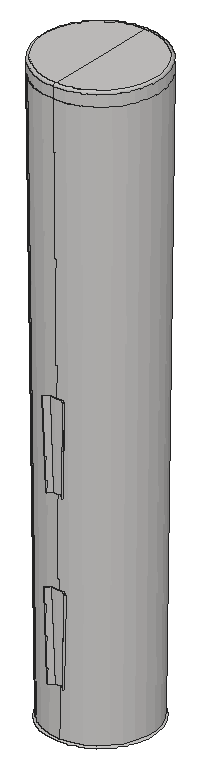
Revit family "QF_Vollrath_PLC-4", category Specialty Equipment, Revit 2016
Family settings
  Part Type = Normal
  Round Connector Dimension = Use Diameter
  OmniClass Number = 23.40.40.00
  OmniClass Title = Food Service Equipment and Furnishings
  Work Plane-Based = Yes
  Always vertical = Yes
  Cut with Voids When Loaded = No
  Shared = No
  Room Calculation Point = No
Parameters
  Width = 5 1/16"
  Weight in Pounds = 0
  Watermarked By = ""
  URL Cutsheet = ""
  Specification by User [instance] = ""
  Specification by Manufacturer [instance] = ""
  Serial Number [instance] = ""
  Revision Code [instance] = ""
  NAFEM Spec ID Number [instance] = ""
  Model = "PLC-4"
  Masterspec [instance] = ""
  Manufacturer = "Vollrath"
  Item Number [instance] = "-"
  Installed By [instance] = ""
  Height = 25 3/4"
  Furnished By [instance] = ""
  Foodservice Equipment Identifier = yes
  Description = "Cup Dispenser"
  Depth = 5 1/16"
  Default Elevation = 48"
  CSI MasterFormat = ""
Reference planes (in)
  plane 1 "BACK": y = 0
  plane 2 "BOTTOM": z = 0
  plane 3 "LEFT": x = -16.56573
  plane 4 "RIGHT": x = -11.50323
  plane 5 "FRONT": y = -5.0625
  plane 6 "TOP": z = 25.75
  plane 7: z = 25.16
  plane 8 "CNTR LR": x = -14.03448
  plane 9 "CNTR FB": y = -2.53125
  plane 10 "Bottom Screw 1": z = 2.19
  plane 11 "Bottom of Screw 2": z = 5.94
  plane 12 "Top Screw 1": z = 9.69
  plane 13 "Top Screw 2": z = 12.875
Forms (in)
  Revolve 1, solid, material "QF_Stainless-Polished"
    sketch origin (-14.03448, 0, 0) x (0, 1, 0) y (0, 0, 1)
      loop
        line (-0.1, 25.75) -> (-2.53125, 25.75) -> (-2.53125, 25.16) -> (0, 25.16) -> (0, 25.65)
        arc (0, 25.65) -> (-0.02929, 25.72071) -> (-0.1, 25.75) r 0.1
      axis (-2.53125, 25.16) -> (-2.53125, 25.75)
    angle from 0 to 360
  Blend 2, solid, material "QF_Stainless-Polished"
    base sketch origin (0, 0, 9.69) x (0, 1, 0) y (-1, 0, 0)
      loop
        arc (-4.88974, 14.1962) -> (-4.89538, 14.03448) -> (-4.88974, 13.87275) r 2.32065
        line (-4.88974, 13.87275) -> (-5.05539, 13.70709)
        arc (-5.05539, 13.70709) -> (-5.0516, 13.67953) -> (-5.0475, 13.65202) r 2.50217
        line (-5.0475, 13.65202) -> (-4.85773, 13.86233)
        arc (-4.85773, 13.86233) -> (-4.86421, 14.03448) -> (-4.85773, 14.20662) r 2.28948
        line (-4.85773, 14.20662) -> (-5.0475, 14.41694)
        arc (-5.0475, 14.41694) -> (-5.0516, 14.38942) -> (-5.05539, 14.36186) r 2.50217
        line (-5.05539, 14.36186) -> (-4.88974, 14.1962)
    top sketch origin (0, 0, 9.69) x (0, 1, 0) y (-1, 0, 0)
      loop
        line (-5.11621, 14.46025) -> (-4.95796, 14.302)
        arc (-4.95796, 14.302) -> (-4.97356, 14.03448) -> (-4.95796, 13.76695) r 2.30173
        line (-4.95796, 13.76695) -> (-5.11621, 13.6087)
        arc (-5.11621, 13.6087) -> (-5.11145, 13.58223) -> (-5.1064, 13.55581) r 2.48118
        line (-5.1064, 13.55581) -> (-4.92489, 13.75759)
        arc (-4.92489, 13.75759) -> (-4.94184, 14.03448) -> (-4.92489, 14.31136) r 2.27001
        line (-4.92489, 14.31136) -> (-5.1064, 14.51314)
        arc (-5.1064, 14.51314) -> (-5.11145, 14.48672) -> (-5.11621, 14.46025) r 2.48118
    from 0 to 3.75
  Revolve 3, solid, material "QF_Stainless-Polished"
    sketch origin (-14.03448, 0, 0) x (0, 1, 0) y (0, 0, 1)
      loop
        line (-0.31735, 0) -> (-0.23249, 0)
        arc (-0.23249, 0) -> (-0.28229, 0.0208) -> (-0.30249, 0.07084) r 0.07
        line (-0.30249, 0.07084) -> (0, 25.16) -> (-0.04, 25.16) -> (-0.3425, 0.07027)
        arc (-0.3425, 0.07027) -> (-0.33607, 0.03294) -> (-0.31735, 0) r 0.11
      axis (-2.53125, 0) -> (-2.53125, 25.16)
    angle from 0 to 360
  Blend 4, solid, material "QF_Stainless-Polished"
    base sketch origin (0, 0.07343, 2.19) x (0, 1, 0) y (-1, 0, 0)
      loop
        arc (-4.88974, 14.1962) -> (-4.89538, 14.03448) -> (-4.88974, 13.87275) r 2.32065
        line (-4.88974, 13.87275) -> (-5.05539, 13.70709)
        arc (-5.05539, 13.70709) -> (-5.0516, 13.67953) -> (-5.0475, 13.65202) r 2.50217
        line (-5.0475, 13.65202) -> (-4.85773, 13.86233)
        arc (-4.85773, 13.86233) -> (-4.86421, 14.03448) -> (-4.85773, 14.20662) r 2.28948
        line (-4.85773, 14.20662) -> (-5.0475, 14.41694)
        arc (-5.0475, 14.41694) -> (-5.0516, 14.38942) -> (-5.05539, 14.36186) r 2.50217
        line (-5.05539, 14.36186) -> (-4.88974, 14.1962)
    top sketch origin (0, 0.07343, 2.19) x (0, 1, 0) y (-1, 0, 0)
      loop
        line (-5.11621, 14.46025) -> (-4.95796, 14.302)
        arc (-4.95796, 14.302) -> (-4.97356, 14.03448) -> (-4.95796, 13.76695) r 2.30173
        line (-4.95796, 13.76695) -> (-5.11621, 13.6087)
        arc (-5.11621, 13.6087) -> (-5.11145, 13.58223) -> (-5.1064, 13.55581) r 2.48118
        line (-5.1064, 13.55581) -> (-4.92489, 13.75759)
        arc (-4.92489, 13.75759) -> (-4.94184, 14.03448) -> (-4.92489, 14.31136) r 2.27001
        line (-4.92489, 14.31136) -> (-5.1064, 14.51314)
        arc (-5.1064, 14.51314) -> (-5.11145, 14.48672) -> (-5.11621, 14.46025) r 2.48118
    from 0 to 3.75
Lines and regions (in)
  symbolic lines
    curve 1: circle (-14.03448, -2.53125, 9.69) r 2.53125 normal (0, 0, 1)
  symbolic lines, style "QF_Details_Surface"
    curve 2: line (-14.31136, -4.92489, 9.69) -> (-14.51455, -5.1064, 9.69)
    curve 3: line (-14.46025, -5.11621, 9.69) -> (-14.302, -4.95796, 9.69)
    curve 4: arc (-14.302, -4.95796, 9.69) -> (-14.03448, -4.97356, 9.69) -> (-13.76695, -4.95796, 9.69) r 2.30173
    curve 5: arc (-13.75759, -4.92489, 9.69) -> (-14.03448, -4.94184, 9.69) -> (-14.31136, -4.92489, 9.69) r 2.27001
    curve 6: line (-13.76695, -4.95796, 9.69) -> (-13.6087, -5.11621, 9.69)
    curve 7: line (-13.5544, -5.1064, 9.69) -> (-13.75759, -4.92489, 9.69)
    curve 8: arc (-13.6087, -5.11621, 9.69) -> (-13.58152, -5.11146, 9.69) -> (-13.5544, -5.1064, 9.69) r 2.47908
    curve 9: arc (-14.51455, -5.1064, 9.69) -> (-14.48743, -5.11146, 9.69) -> (-14.46025, -5.11621, 9.69) r 2.47908
Dimensions and locks (in)
  "Width": plane 3 "LEFT" to plane 4 "RIGHT"
  "Depth": plane 5 "FRONT" to plane 1 "BACK"
  "Height": plane 6 "TOP" to plane 2 "BOTTOM"
  locked: plane 6 "TOP" to plane 7 at 0.59
  equal spacing: plane 3 "LEFT", plane 8 "CNTR LR", plane 4 "RIGHT"
  equal spacing: plane 5 "FRONT", plane 9 "CNTR FB", plane 1 "BACK"
  locked: plane 11 "Bottom of Screw 2" to plane 10 "Bottom Screw 1" at 3.75
  locked: plane 12 "Top Screw 1" to plane 11 "Bottom of Screw 2" at 3.75
  equal spacing: plane 6 "TOP", plane 13 "Top Screw 2", plane 2 "BOTTOM"
  plane 10 "Bottom Screw 1" to plane 2 "BOTTOM" = 2.19"
  aligned and locked: level to plane 2 "BOTTOM"
  aligned and locked: Revolve 1 sketch curve to Revolve 1 sketch curve
  aligned and locked: plane 7 to Revolve 1 sketch curve
  aligned and locked: Revolve 1 sketch curve to plane 9 "CNTR FB"
  aligned and locked: Revolve 1 sketch curve to plane 6 "TOP"
  aligned and locked: plane 1 "BACK" to Revolve 1 sketch curve
Automatic sketch dimensions
  Revolve 1 sketch curve to plane 7 = 0"
  Revolve 1 sketch curve to plane 6 "TOP" = 0"
  Revolve 1 sketch curve to Revolve 1 sketch curve = 0.1"
  Blend 2 sketch curve to Blend 2 sketch curve = 0"  (x24)
  Blend 2 sketch curve to plane 8 "CNTR LR" = 0"  (x2)
  Blend 2 sketch curve to plane 5 "FRONT" = 0.00711"  (x2)
  Blend 2 sketch curve to plane 5 "FRONT" = 0.015"  (x2)
  Blend 2 sketch curve to plane 5 "FRONT" = 0.17276"
  plane 8 "CNTR LR" to Blend 2 sketch curve = 0.16173"
  Blend 2 sketch curve to Blend 2 sketch curve = 0.16565"  (x3)
  Blend 2 sketch curve to Blend 2 sketch curve = 0.03201"  (x2)
  plane 8 "CNTR LR" to Blend 2 sketch curve = 0.17214"
  plane 9 "CNTR FB" to Blend 2 sketch curve = 0.04348"
  plane 5 "FRONT" to Blend 2 sketch curve = 0.05371"  (x2)
  Blend 2 sketch curve to Blend 2 sketch curve = 0.00981"  (x2)
  Blend 2 sketch curve to plane 5 "FRONT" = 0.10454"  (x2)
  Blend 2 sketch curve to Blend 2 sketch curve = 0.03307"  (x2)
  plane 9 "CNTR FB" to Blend 2 sketch curve = 0.14058"
  plane 8 "CNTR LR" to Blend 2 sketch curve = 0.26752"
  Blend 2 sketch curve to Blend 2 sketch curve = 0.00936"
  Blend 2 sketch curve to Blend 2 sketch curve = 0.15825"  (x2)
  Revolve 3 sketch curve to plane 7 = 0"  (x2)
  Revolve 3 sketch curve to plane 9 "CNTR FB" = 0"
  Revolve 3 sketch curve to level = 0"  (x2)
  Revolve 3 sketch curve to plane 1 "BACK" = 0"
  level to Revolve 3 sketch curve = 0.07027"
  plane 1 "BACK" to Revolve 3 sketch curve = 0.3425"
  Revolve 3 sketch curve to Revolve 3 sketch curve = 0.02515"
  level to Revolve 3 sketch curve = 0.07084"
  Revolve 3 sketch curve to Revolve 3 sketch curve = 0.04001"
  Revolve 3 sketch curve to Revolve 3 sketch curve = 0.06999"
  Revolve 3 sketch curve to Revolve 3 sketch curve = 0"
  Revolve 3 sketch curve to Revolve 3 sketch curve = 0.04"
  Blend 4 sketch curve to Blend 4 sketch curve = 0"  (x24)
  Blend 4 sketch curve to plane 8 "CNTR LR" = 0"  (x2)
  Blend 4 sketch curve to plane 5 "FRONT" = 0.08054"  (x2)
  Blend 4 sketch curve to plane 5 "FRONT" = 0.08843"  (x2)
  Blend 4 sketch curve to plane 5 "FRONT" = 0.24619"
  plane 8 "CNTR LR" to Blend 4 sketch curve = 0.16173"
  Blend 4 sketch curve to Blend 4 sketch curve = 0.16565"  (x3)
  Blend 4 sketch curve to Blend 4 sketch curve = 0.03201"  (x2)
  plane 8 "CNTR LR" to Blend 4 sketch curve = 0.17214"
  Blend 4 sketch curve to plane 9 "CNTR FB" = 0.02995"
  Blend 4 sketch curve to plane 5 "FRONT" = 0.01972"  (x2)
  Blend 4 sketch curve to Blend 4 sketch curve = 0.00981"  (x2)
  Blend 4 sketch curve to plane 5 "FRONT" = 0.17797"  (x2)
  Blend 4 sketch curve to Blend 4 sketch curve = 0.03307"  (x2)
  plane 9 "CNTR FB" to Blend 4 sketch curve = 0.06715"
  plane 8 "CNTR LR" to Blend 4 sketch curve = 0.26752"
  Blend 4 sketch curve to Blend 4 sketch curve = 0.00936"
  Blend 4 sketch curve to Blend 4 sketch curve = 0.15825"  (x2)
  curve 4 to curve 5 = 0"  (x2)
  curve 5 to plane 8 "CNTR LR" = 0"
  curve 1 to plane 8 "CNTR LR" = 0"
  plane 9 "CNTR FB" to curve 1 = 0"
  plane 8 "CNTR LR" to curve 8 = 0.01241"
  plane 9 "CNTR FB" to curve 8 = 0.14058"
  curve 4 to curve 8 = 0"
  curve 9 to curve 4 = 0"
  curve 2 to plane 5 "FRONT" = 0.13761"
  curve 7 to plane 5 "FRONT" = 0.13761"
  curve 6 to curve 5 = 0.03307"
  curve 3 to curve 2 = 0.03307"
  plane 5 "FRONT" to curve 2 = 0.0439"
  plane 5 "FRONT" to curve 7 = 0.0439"
  plane 5 "FRONT" to curve 3 = 0.05371"
  plane 5 "FRONT" to curve 6 = 0.05371"
  plane 8 "CNTR LR" to curve 6 = 0.26752"
  curve 7 to curve 4 = 0.00936"
  curve 6 to curve 4 = 0.15825"
  curve 4 to curve 9 = 0.01241"
  curve 4 to curve 3 = 0.15825"
  radius of curve 1 = 2 17/32"
